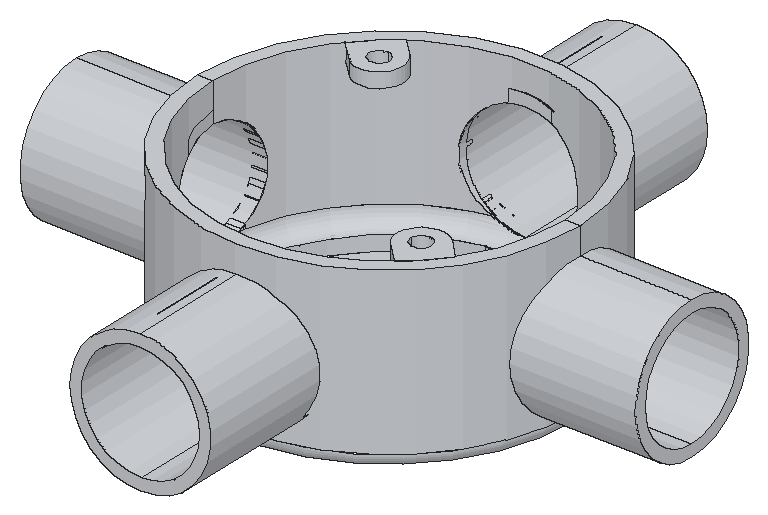
Revit family "ET5G", category Generic Models, Revit 2017
Family settings
  Can host rebar = No
  Round Connector Dimension = Use Diameter
  Part Type = Normal
  Work Plane-Based = Yes
  Always vertical = No
  Cut with Voids When Loaded = No
  Shared = No
  Room Calculation Point = No
Parameters (values of type "NBS Standard Parameters")
  Weight = "0.2842Kg"
  WarrantyStartDate [instance] = "1900-12-31T23:59:59"
  WarrantyGuarantorParts = "n/a"
  WarrantyGuarantorLabor = "n/a"
  WarrantyDurationUnit = "1 year"
  WarrantyDurationParts = "n/a"
  WarrantyDurationLabor = "n/a"
  WarrantyDescription = "n/a"
  Version = "1"
  Uniclass2 = "Pr_65_70_11_20"
  TagNumber [instance] = "n/a"
  SustainabilityPerformance = "n/a"
  Size = "20mm"
  Shape = "Circular"
  SerialNumber [instance] = "n/a"
  Revision = "n/a"
  ReplacementCost = "n/a"
  ProductInformation = "www.metpro.co.uk/pdf/et5g.pdf"
  NominalWidth = 63 mm
  NominalLength = 63 mm
  NominalHeight = 28 mm
  Name = ""
  NBSTypeID = ""
  NBSReference = "90-55-10/460"
  NBSOfficeMasterTag = ""
  NBSNote = ""
  NBSDescription = "Conduit Fittings"
  NBSCertification = ""
  ModelReference = "ET5G"
  ModelNumber = "n/a"
  Material = "Malleable Iron"
  ManufacturerURL = "www.metpro.co.uk"
  ManufacturerName = "Metpro Ltd"
  Keynote = "Compliant to LU Standard 1-085"
  InstallationDate [instance] = "1900-12-31T23:59:59"
  IfcExportType = ""
  IfcExportAs = ""
  Grade = "n/a"
  Finish = "Galvanised"
  Features = "n/a"
  ExpectedLife = "n/a"
  DurationUnit = "year"
  Description = "ET5G  20mm Intersection Extension Malleable Conduit Box"
  Default Elevation = 1219.2 mm
  Constituents = "n/a"
  Color = "n/a"
  CodePerformance = "n/a"
  Category = "n/a"
  BarCode [instance] = "n/a"
  BIMObjectName = "Metpro_Metprolibrary_Conduitfittings_Metalcomponents_Malleablecircularbox"
  Author = "Metpro limited"
  AssetType = ""
  AssetIdentifier [instance] = "n/a"
  AccessibilityPerformance = "n/a"
Reference planes
  plane 1 "Center (Front/Back)": y = 0
  plane 2: z = 0
  plane 3 "Center (Left/Right)": x = 0
Forms (mm)
  Revolve 1, solid
    sketch origin (2.24, 28.652, -21.439) x (1, 0, 0) y (0, 0, 1)
      loop
        line (-32.5, 40.541) -> (-32.5, 12.5)
        arc (-32.5, 12.5) -> (-31.768, 10.732) -> (-30, 10) r 2.5
        line (-30, 10) -> (-10, 10) -> (-10, 12.541) -> (-27, 12.541)
        arc (-27, 12.541) -> (-29.121, 13.42) -> (-30, 15.541) r 3
        line (-30, 15.541) -> (-30, 40.541) -> (-32.5, 40.541)
      axis (0, 10) -> (0, 40.541)
    angle from 0 to 360
  Extrusion 2, solid
    sketch origin (2.24, 28.652, 19.102) x (0, 1, 0) y (-1, 0, 0)
      loop
        arc (-13.805, -21.577) -> (-13.887, -16.02) -> (-19.441, -15.821) r 4.033
        line (-19.441, -15.821) -> (-22.946, -19.326)
        arc (-22.946, -19.326) -> (-20.14, -22.235) -> (-16.968, -24.74) r 30
        line (-16.968, -24.74) -> (-13.805, -21.577)
      loop
        circle (-16.769, -18.842) r 1.752
      loop
        line (21.577, 13.805) -> (24.74, 16.968)
        arc (24.74, 16.968) -> (22.235, 20.14) -> (19.326, 22.946) r 30
        line (19.326, 22.946) -> (15.821, 19.441)
        arc (15.821, 19.441) -> (16.02, 13.887) -> (21.577, 13.805) r 4.033
      loop
        circle (18.842, 16.769) r 1.752
    from -2.5 to 0
  Extrusion 3, void
    sketch origin (2.24, 28.652, -21.439) x (0, 0, 1) y (0, -1, 0)
      loop
        circle (24.004, 0.168) r 10
    from -53 to 55.104
  Extrusion 4, solid
    sketch origin (2.24, 28.652, -20.189) x (0, 0, 1) y (0, -1, 0)
      loop
        circle (22.754, 0.168) r 12
      loop
        circle (22.754, 0.168) r 10
    from 28.88 to 51.5
  Extrusion 5, solid
    sketch origin (0.74, 28.652, -20.189) x (0, 0, 1) y (0, 1, 0)
      loop
        circle (22.754, -0.168) r 10
      loop
        circle (22.754, -0.168) r 12
    from 24.792 to 51.5
  Extrusion 6, solid
    sketch origin (2.24, 27.152, -20.189) x (0, 0, 1) y (-1, 0, 0)
      loop
        circle (22.754, -0.168) r 10
      loop
        circle (22.754, -0.168) r 12
    from 24.792 to 51.5
  Extrusion 7, void
    sketch origin (2.24, 28.652, 19.102) x (-1, 0, 0) y (0, 1, 0)
      loop
        arc (-14.448, -26.292) -> (0, -30) -> (14.448, -26.292) r 30
        line (14.448, -26.292) -> (-14.448, -26.292)
    from 0 to 32.266
  Extrusion 8, solid
    sketch origin (1.367, 107.344, -20.189) x (0, 0, 1) y (1, 0, 0)
      loop
        circle (22.754, 0.168) r 12
      loop
        circle (22.754, 0.168) r 10
    from -48.977 to -25.311
  Extrusion 9, void
    sketch origin (2.24, 28.652, 19.102) x (-1, 0, 0) y (0, 1, 0)
      loop
        arc (-22.125, -4.091) -> (-24.699, -2.75) -> (-26.533, -5) r 2.298
        arc (-26.533, -5) -> (-19.092, -19.092) -> (-5, -26.533) r 27
        arc (-5, -26.533) -> (-2.702, -24.235) -> (-5, -21.937) r 2.298
        arc (-5, -21.937) -> (-16.235, -15.578) -> (-22.125, -4.091) r 22.5
      loop
        arc (5, -26.533) -> (19.092, -19.092) -> (26.533, -5) r 27
        arc (26.533, -5) -> (24.235, -3.167) -> (21.937, -5) r 2.357
        arc (21.937, -5) -> (15.91, -15.91) -> (5, -21.937) r 22.5
        arc (5, -21.937) -> (2.702, -24.235) -> (5, -26.533) r 2.298
      loop
        arc (26.533, 5) -> (19.092, 19.092) -> (5, 26.533) r 27
        arc (5, 26.533) -> (2.702, 24.235) -> (5, 21.937) r 2.298
        arc (5, 21.937) -> (15.91, 15.91) -> (21.937, 5) r 22.5
        arc (21.937, 5) -> (24.235, 2.702) -> (26.533, 5) r 2.298
      loop
        arc (-5, 21.937) -> (-2.702, 24.235) -> (-5, 26.533) r 2.298
        arc (-5, 26.533) -> (-19.092, 19.092) -> (-26.533, 5) r 27
        arc (-26.533, 5) -> (-24.235, 2.702) -> (-21.937, 5) r 2.298
        arc (-21.937, 5) -> (-15.91, 15.91) -> (-5, 21.937) r 22.5
      loop
        circle (16.654, 0) r 2
    from 21.029 to 35.584
  Extrusion 10, void
    sketch origin (2.24, 28.652, 19.102) x (-1, 0, 0) y (0, 1, 0)
      loop
        arc (-30, 0) -> (-28.975, -7.774) -> (-25.971, -15.017) r 30
        line (-25.971, -15.017) -> (-27.808, 11.257)
        arc (-27.808, 11.257) -> (-29.447, 5.734) -> (-30, 0) r 30
      loop
        arc (30, 0) -> (28.731, 8.634) -> (25.03, 16.538) r 30
        line (25.03, 16.538) -> (25.03, -16.538)
        arc (25.03, -16.538) -> (28.731, -8.634) -> (30, 0) r 30
      loop
        arc (-15.649, 25.595) -> (0, 26.103) -> (15.649, 25.595) r 241.46
        arc (15.649, 25.595) -> (0, 30) -> (-15.649, 25.595) r 30
    from 0 to 36.704
  Extrusion 11, void
    sketch origin (1.367, 82.033, -20.189) x (0, 0, -1) y (1, 0, 0)
      loop
        circle (-22.754, 0.168) r 10
    from 0 to 106.381
Cuts and joins
  Extrusion 3, Extrusion 9, Extrusion 11 cuts Revolve 1
  Extrusion 3, Extrusion 10 cuts Extrusion 4
  Extrusion 3, Extrusion 9, Extrusion 10 cuts Extrusion 5
  Extrusion 7 cuts Extrusion 6
  Extrusion 9 cuts Extrusion 2
  Extrusion 11 cuts Extrusion 8
Dimensions and locks
  aligned and locked: level to plane 2
